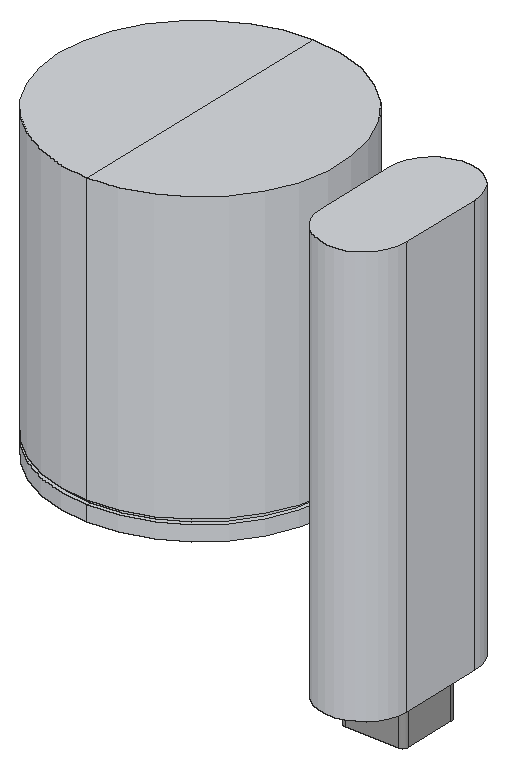
Revit family "Alcon-13303-LG_FAMILY_", category Generic Models, host Face, Revit 2025
Family settings
  Host = Face
  Can host rebar = No
  Round Connector Dimension = Use Diameter
  Part Type = Normal
  Cut with Voids When Loaded = No
  Maintain Annotation Orientation = No
  Shared = No
  Room Calculation Point = No
Parameters
  URL = "https://www.alconlighting.com/?srsltid=AfmBOooDPhGQ0dEP-X2PMtxFfvvWpIAEL4jCll_O2F4_to5onvhnBomy"
  Product Page URL = "https://www.alconlighting.com/13303-lg.html"
  Model = "13303-LG"
  Manufacturer = "ALCON Lighting"
  Fixture Rotation = 90.00°
  Default Elevation = 4' - 0"
  Body = Default
Reference planes (in)
  plane 1 "Center (Front/Back)": y = 0
  plane 2: z = 0
  plane 3 "Center (Left/Right)": x = 0
Forms (in)
  Extrusion 1, solid, material "Default" <- "Body"
    sketch origin (2.32377, 0, 0.5) x (0, 1, 0) y (1, 0, 0)
      loop
        arc (-0.375, -0.3125) -> (-0.35669, -0.35669) -> (-0.3125, -0.375) r 0.0625
        line (-0.3125, -0.375) -> (0.3125, -0.375)
        arc (0.3125, -0.375) -> (0.35669, -0.35669) -> (0.375, -0.3125) r 0.0625
        line (0.375, -0.3125) -> (0.375, 0.3125)
        arc (0.375, 0.3125) -> (0.35669, 0.35669) -> (0.3125, 0.375) r 0.0625
        line (0.3125, 0.375) -> (-0.3125, 0.375)
        arc (-0.3125, 0.375) -> (-0.35669, 0.35669) -> (-0.375, 0.3125) r 0.0625
        line (-0.375, 0.3125) -> (-0.375, -0.3125)
    from 0 to 0.5
  Extrusion 2, solid
    sketch origin (2.32377, 0, 0.5) x (0, 1, 0) y (-1, 0, 0)
      loop
        arc (0.5, -0.5) -> (1, 0) -> (0.5, 0.5) r 0.5
        line (0.5, 0.5) -> (-0.5, 0.5)
        arc (-0.5, 0.5) -> (-1, 0) -> (-0.5, -0.5) r 0.5
        line (-0.5, -0.5) -> (0.5, -0.5)
    from 0 to 4.9375
Lines and regions (in)
  reference lines
    curve 1: line (0, 5.875, 4.5) -> (0, -5.875, 4.5)
Dimensions and locks (in)
  "Fixture Rotation": angle nested 1 to curve 1
  aligned and locked: plane 2 to host face
  aligned and locked: level to host face
Automatic sketch dimensions
  host sketch curve to host sketch curve = 8' - 0"  (x2)
  plane 1 "Center (Front/Back)" to Extrusion 1 sketch curve = 0' - 0 3/8"
  Extrusion 1 sketch curve to Extrusion 1 sketch curve = 0' - 0 1/16"  (x3)
  Extrusion 1 sketch curve to plane 1 "Center (Front/Back)" = 0' - 0 5/16"  (x2)
  plane 3 "Center (Left/Right)" to Extrusion 1 sketch curve = 0' - 2.69877"
  Extrusion 1 sketch curve to Extrusion 1 sketch curve = 0' - 0 5/8"
  plane 1 "Center (Front/Back)" to curve 1 = 0' - 5 7/8"
  level to curve 1 = 0' - 4 1/2"
  curve 1 to plane 1 "Center (Front/Back)" = 0' - 5 7/8"
  Extrusion 1 to Extrusion 2 sketch curve = 0' - 0 1/8"  (x3)
  Extrusion 2 sketch curve to Extrusion 1 = 0' - 0 3/8"
Nested families (in)
  nested 1: "Alcon-13303-LG_CAN_" at (0, 0, 4.5) x (0, 0, 1) z (-1, 0, 0), type "Alcon-13303-LG_CAN_"
    with built-in parameter 1001306 0.33333 (stored number, unit not read)
Definition of nested family "Alcon-13303-LG_CAN_"
  Parameters (values of type "Alcon-13303-LG_CAN_")
    Wattage = 9.2903 W
    built-in parameter 1150110 = 1 (stored number, unit not read)
    built-in parameter 1114217 = 1 (stored number, unit not read)
    Tilt Angle = 60.00°
    built-in parameter 1150109 = 1 (stored number, unit not read)
    built-in parameter 1150134 = 3
    built-in parameter 1150113 = 1 (stored number, unit not read)
    built-in parameter 1010507 = 1.5708 (stored number, unit not read)
    built-in parameter 1010506 = 0.5236 (stored number, unit not read)
    built-in parameter 1150105 = 4614.1 (stored number, unit not read)
    Lumens = 1380 lm
    built-in parameter 1150115 = 1 (stored number, unit not read)
    Light Source Symbol Length = 10' - 0"
    built-in parameter 1150137 = (empty or 0)
    built-in parameter 1150139 = (empty or 0)
    built-in parameter 1001306 [instance] = 4' - 0"
    built-in parameter 1150112 = 1 (stored number, unit not read)
    built-in parameter 1150114 = 1 (stored number, unit not read)
    built-in parameter 1150132 = (empty or 0)
    built-in parameter 1150102 = (empty or 0)
    built-in parameter 1150107 = 3200 (stored number, unit not read)
    built-in parameter 1150138 = (empty or 0)
    built-in parameter 1150106 = 46.141 (stored number, unit not read)
    Glass Lens = none
    built-in parameter 1150104 = 13.8 (stored number, unit not read)
    Dimming Lamp Color Temperature Shift = (empty or 0)
    Default Elevation = 0' - 0"
    Color Filter = 16777215
    built-in parameter 1114218 = 1 (stored number, unit not read)
    built-in parameter 1150133 = 10 (stored number, unit not read)
  Reference planes (in)
    plane 1 "Center (Front/Back)": y = 0
    plane 2: z = 0
    plane 3 "Left": x = 0
    plane 4 "Right": x = 48
  Forms (in)
    Revolve 1, solid
      sketch origin (1.13196, 0, 0) x (0, 1, 0) y (-1, 0, 0)
        loop
          line (1.65625, 0) -> (1.65625, 3.38924) -> (1.59744, 3.38924) -> (1.59744, 3.44555) -> (1.65625, 3.44555) -> (1.65625, 3.625) -> (1.56175, 3.625) -> (1.56175, 0.18121) -> (0, 0.18121) -> (0, 0) -> (1.65625, 0)
        axis (0, 0) -> (0, 3.625)
      angle from 0 to 360
    Extrusion 2, solid, material <- "Glass Lens"
      sketch origin (-2.31359, 1.17, 0) x (0, -1, 0) y (0, 0, -1)
        loop
          circle (1.17, 0) r 1.56175
      from 0 to 0.10592
    Extrusion 3, solid
      sketch origin (0, 0, -0.52427) x (0, -1, 0) y (1, 0, 0)
        loop
          circle (0, 0) r 0.35188
      from -1.2995 to -1.07317
  Lines and regions (in)
    reference lines
      curve 1: line (0, 0, 0) -> (48, 0, 0)
    model lines
      curve 2: line (0, 0, 0) -> (-6.37585, 0, 0)
  Dimensions and locks (in)
    "built-in parameter 1001306": plane 3 "Left" to plane 4 "Right"
    aligned and locked: plane 4 "Right" to curve 1
    aligned and locked: plane 1 "Center (Front/Back)" to curve 1
    aligned and locked: plane 3 "Left" to curve 1
    aligned and locked: level to plane 2
  Automatic sketch dimensions
    curve 2 to level = 0' - 0"
    curve 2 to plane 3 "Left" = 0' - 0"
    curve 2 to plane 3 "Left" = 0' - 6.37585"
    plane 1 "Center (Front/Back)" to Extrusion 3 sketch curve = 0' - 0"
    Extrusion 3 sketch curve to plane 3 "Left" = 0' - 0"
    plane 1 "Center (Front/Back)" to Revolve 1 sketch curve = 0' - 0"  (x2)
    Revolve 1 sketch curve to plane 1 "Center (Front/Back)" = 0' - 1.56175"
    Revolve 1 sketch curve to Revolve 1 sketch curve = 0' - 0.0357"
    Revolve 1 sketch curve to Revolve 1 sketch curve = 0' - 0.05881"
    Revolve 1 sketch curve to Revolve 1 sketch curve = 0' - 0.0945"
    plane 3 "Left" to Revolve 1 sketch curve = 0' - 1.13196"
    Revolve 1 sketch curve to Revolve 1 sketch curve = 0' - 0.18121"
    Revolve 1 sketch curve to plane 3 "Left" = 0' - 2.25728"
    Revolve 1 sketch curve to Revolve 1 sketch curve = 0' - 0.05632"
    Revolve 1 sketch curve to Revolve 1 sketch curve = 0' - 0.17945"
    plane 3 "Left" to Revolve 1 sketch curve = 0' - 0.14309"
    Revolve 1 sketch curve to plane 3 "Left" = 0' - 1.43757"
    Extrusion 2 sketch curve to level = 0' - 0"
    Extrusion 2 sketch curve to Extrusion 2 sketch curve = 0' - 0"
    Extrusion 2 sketch curve to plane 1 "Center (Front/Back)" = 0' - 0"
    Extrusion 2 sketch curve to Extrusion 2 sketch curve = 0' - 1.56175"
    radius of Extrusion 3 sketch curve = 0' - 0.35188"
